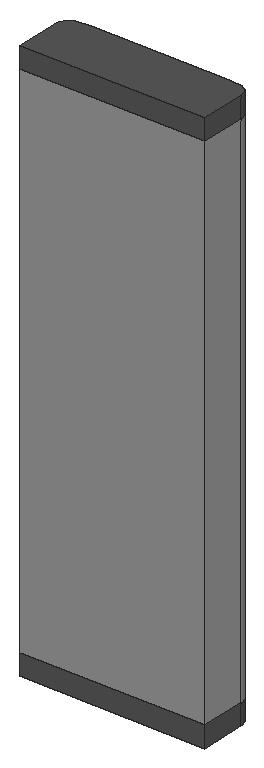
Revit family "JC KONTAKTER JCK201 Armbågskontakt", category Doors, host Wall, Revit 2025
Family settings
  Host = Wall
  Always vertical = Yes
  Cut with Voids When Loaded = No
  Shared = No
  Room Calculation Point = No
Parameters (values of type "Armbågskontakt JCK201")
  Utgångar = "Två reläer"
  URL = "https://jckontakter.se/produkt/armbagskontakter-metall/armbagskontakt-jck201-beroringsfri/"
  Tillverkningsland = "Sverige"
  Tillvalsförteckning = "https://jckontakter.se/wp-content/uploads/sites/2/Tillval_metall_2024.pdf"
  Tekniskt produktblad = "https://jckontakter.se/wp-content/uploads/sites/2/Teknikst-blad_JCK201-Beroringsfri.pdf"
  Styrenhet med dipswitch = yes
  Sensor = "IR-Sensor"
  Produktvikt = "0.305 kg"
  Placering av armbågskontakt = "https://jckontakter.se/start/nyheter-och-information/armbagskontakter-placering-riktlinjer/"
  Model = "JCK201"  # constant formula
  Matning = "7-24V DC-AC"
  Manufacturer = "JC Kontakter"  # constant formula
  Lid Finish = Aluminum ENAW 6060-T6
  Core Finish = Aluminum ENAW 6060
  Led-ljus = yes
  Keynote = ""
  End Cap Finish = POM Tenac C 4520
  Description = "JCK201 är en modell med inbyggd IR-sensor, som möjliggör beröringsfri funktion. IR-sensorn reagerar på ljusskiftningar, vilket gör att man aktiverar dörröppning genom att bara röra handen framför kontakten.\r\n\r\nDenna sortens armbågskontakt är särskilt lämplig i miljöer där man vill begränsa spridning av bakterier, såsom skolor, sjukhus och andra offentliga byggnader.\r\n\r\nModellen är även utrustad med LED-ljus som hjälper till att visa aktuell status- grönt för standby och blått vid aktivering. JCK201 levereras med två relä och en dipswitch som möjliggör ett antal olika installationsalternativ."  # constant formula
  Default Elevation = 0 mm
  Cap Finish (Lens) = POM Acetalplast
  CE Dokument = "https://jckontakter.se/wp-content/uploads/CE_Dokument.pdf"
  Assembly Code = ""
Reference planes
  plane 1 "Wall": y = 0
  plane 2 "Center (Left/Right)": x = 125
  plane 3 "Back": y = 75
  plane 4 "A": z = 800
Lines and regions (mm)
  Masking region 1
    outline origin (0, 0, -100) x (1, 0, 0) y (0, 0, 1)
      loop
        line (175, 1145) -> (75, 1145) -> (75, 900) -> (175, 900) -> (175, 1145)
  symbolic lines, style "DoorsPanelProjection"
    curve 1: line (75, 125, 0) -> (175, 125, 0)
    curve 2: line (75, 75, 0) -> (75, 125, 0)
    curve 3: line (175, 75, 0) -> (75, 75, 0)
    curve 4: line (175, 125, 0) -> (175, 75, 0)
    curve 5: line (175, 0, 800) -> (75, 0, 800)
    curve 6: line (75, 0, 800) -> (175, 0, 800)
    curve 7: line (175, 0, 1045) -> (75, 0, 1045)
    curve 8: line (175, 0, 800) -> (175, 0, 1045)
    curve 9: line (75, 0, 800) -> (175, 0, 800)
    curve 10: line (75, 0, 1045) -> (75, 0, 800)
Text (mm)
  text "Placement Side" at (-1848.837, 1116.779, 0), in view "Ref. Level"
  text "Placement side" at (0, 1409.804, 2854.306), in view "Left"
  text "Placement side" at (0, 499.811, 2980.732), in view "Right"
Dimensions and locks
  locked: plane 3 "Back" to host wall
  locked: curve 3 to curve 1 at 50
  aligned and locked: plane 1 "Wall" to host wall
  aligned and locked: nested 1 to plane 3 "Back"
  aligned and locked: curve 3 to plane 3 "Back"
  aligned and locked: plane 4 "A" to curve 9
  aligned and locked: curve 10 to Masking region 1
Automatic sketch dimensions
  curve 3 to plane 2 "Center (Left/Right)" = 50 mm
  plane 2 "Center (Left/Right)" to curve 3 = 50 mm
  Masking region 1 sketch curve to plane 4 "A" = 0 mm
  Masking region 1 sketch curve to plane 2 "Center (Left/Right)" = 50 mm
  plane 2 "Center (Left/Right)" to Masking region 1 sketch curve = 50 mm
  plane 4 "A" to Masking region 1 sketch curve = 245 mm
  plane 2 "Center (Left/Right)" to curve 8 = 50 mm
  plane 4 "A" to curve 7 = 245 mm
Nested families
  nested 1: "AK_201" at (125, 75, 800) x (-1, 0, 0) z (0, 0, 1), type "AK_201", detail levels medium+fine
Definition of nested family "AK_201"
  Parameters (values of type "AK_201")
    URL = "https://jckontakter.se/produkt/armbagskontakter-metall/armbagskontakt-jck201-beroringsfri/"
    Model = "JCK201"  # constant formula
    Manufacturer = "JC Kontakter"  # constant formula
    Lid Finish = none
    Core Finish = none
    End Cap Finish = none
    Description = "JCK201 är en modell med inbyggd IR-sensor, som möjliggör beröringsfri funktion. IR-sensorn reagerar på ljusskiftningar, vilket gör att man aktiverar dörröppning genom att bara röra handen framför kontakten.\r\n\r\nDenna sortens armbågskontakt är särskilt lämplig i miljöer där man vill begränsa spridning av bakterier, såsom skolor, sjukhus och andra offentliga byggnader.\r\n\r\nModellen är även utrustad med LED-ljus som hjälper till att visa aktuell status- grönt för standby och blått vid aktivering. JCK201 levereras med två relä och en dipswitch som möjliggör ett antal olika installationsalternativ."  # constant formula
    Define Thermal Properties by = 1
    Default Elevation = 0 mm
    Cap Finish (Lens) = none
    Analytic Construction = "<None>"
  Reference planes
    plane 1 "Center (Front/Back)": y = 0
    plane 2: z = 0
    plane 3 "Center (Left/Right)": x = 0
    plane 4 "1": x = 40
    plane 5 "A": z = 9
    plane 6 "B": z = 236
    plane 7 "2": y = -26
  Forms (mm)
    Extrusion 1, solid, material <- "Core Finish", detail levels medium+fine
      sketch origin (40, 0, 9) x (1, 0, 0) y (0, 1, 0)
        loop
          line (-80, 0) -> (-80, -20)
          arc (-80, -20) -> (-78.93, -23.162) -> (-76.159, -25.025) r 5.207
          line (-76.159, -25.025) -> (-76.002, -24.037) -> (-75.046, -24.188) -> (-75.202, -25.176) -> (-74.214, -25.333) -> (-74.058, -24.345) -> (-73.07, -24.501) -> (-73.227, -25.489) -> (-72.239, -25.645) -> (-72.083, -24.658) -> (-71.095, -24.814) -> (-71.251, -25.802) -> (-70, -26) -> (-64, -26) -> (-64, -24) -> (-69.843, -24) -> (-75.726, -23.068)
          arc (-75.726, -23.068) -> (-77.369, -21.91) -> (-78, -20) r 3.207
          line (-78, -20) -> (-78, -1.2) -> (-2, -1.2) -> (-2, -20)
          arc (-2, -20) -> (-2.631, -21.91) -> (-4.274, -23.068) r 3.207
          line (-4.274, -23.068) -> (-10.157, -24) -> (-16, -24) -> (-16, -26) -> (-10, -26) -> (-8.749, -25.802) -> (-8.905, -24.814) -> (-7.917, -24.658) -> (-7.761, -25.645) -> (-6.773, -25.489) -> (-6.93, -24.501) -> (-5.942, -24.345) -> (-5.786, -25.333) -> (-4.798, -25.176) -> (-4.954, -24.188) -> (-3.998, -24.037) -> (-3.841, -25.025)
          arc (-3.841, -25.025) -> (-1.07, -23.162) -> (0, -20) r 5.207
          line (0, -20) -> (0, 0) -> (-80, 0)
      from 0 to 227
    Extrusion 2, solid, material <- "Lid Finish", detail levels medium+fine
      sketch origin (-40, 0, 9) x (-1, 0, 0) y (0, -1, 0)
        loop
          line (-16, 26) -> (-64, 26) -> (-64, 24) -> (-16, 24) -> (-16, 26)
      from 0 to 227
    Extrusion 3, solid, material <- "End Cap Finish", detail levels medium+fine
      sketch origin (-40, 0, 0) x (1, 0, 0) y (0, 1, 0)
        loop
          arc (0, -20) -> (1.07, -23.162) -> (3.841, -25.025) r 5.207
          line (3.841, -25.025) -> (10, -26) -> (70, -26) -> (76.159, -25.025)
          arc (76.159, -25.025) -> (78.93, -23.162) -> (80, -20) r 5.207
          line (80, -20) -> (80, 0) -> (0, 0) -> (0, -20)
      from 0 to 9
    Extrusion 4, solid, material <- "End Cap Finish", detail levels medium+fine
      sketch origin (0, 0, 236) x (-1, 0, 0) y (0, -1, 0)
        loop
          arc (40, 20) -> (38.93, 23.162) -> (36.159, 25.025) r 5.207
          line (36.159, 25.025) -> (30, 26) -> (-30, 26) -> (-36.159, 25.025)
          arc (-36.159, 25.025) -> (-38.93, 23.162) -> (-40, 20) r 5.207
          line (-40, 20) -> (-40, 0) -> (40, 0) -> (40, 20)
      from 0 to 9
    Extrusion 5, void
      sketch origin (0, 0, 0) x (1, 0, 0) y (0, 1, 0)
        loop
          circle (-35.25, -10.75) r 3.75
        loop
          circle (35.25, -10.75) r 3.75
      from 0 to 4
    Extrusion 6, void
      sketch origin (0, -26, 0) x (-1, 0, 0) y (0, 0, 1)
        loop
          circle (0, 145) r 9
        loop
          arc (8.506, 153.464) -> (12, 144.999) -> (8.505, 136.534) r 12
          arc (8.505, 136.534) -> (8.503, 135.119) -> (9.919, 135.12) r 1
          arc (9.919, 135.12) -> (14, 144.999) -> (9.92, 154.879) r 14
          arc (9.92, 154.879) -> (8.508, 154.877) -> (8.506, 153.464) r 1
        loop
          arc (-9.92, 135.121) -> (-8.508, 135.123) -> (-8.506, 136.536) r 1
          arc (-8.506, 136.536) -> (-12, 145) -> (-8.506, 153.464) r 12
          arc (-8.506, 153.464) -> (-8.508, 154.877) -> (-9.92, 154.879) r 1
          arc (-9.92, 154.879) -> (-14, 145) -> (-9.92, 135.121) r 14
        loop
          arc (-12.042, 133) -> (-17, 145) -> (-12.042, 157) r 17
          arc (-12.042, 157) -> (-12.043, 158.413) -> (-13.456, 158.414) r 1
          arc (-13.456, 158.414) -> (-19, 145) -> (-13.456, 131.586) r 19
          arc (-13.456, 131.586) -> (-12.042, 131.584) -> (-12.042, 133) r 1
        loop
          arc (13.457, 131.587) -> (19, 145.002) -> (13.456, 158.414) r 19
          arc (13.456, 158.414) -> (12.043, 158.413) -> (12.042, 157) r 1
          arc (12.042, 157) -> (17, 145) -> (12.04, 132.999) r 17
          arc (12.04, 132.999) -> (12.043, 131.585) -> (13.457, 131.587) r 1
      from 0 to 4
    Extrusion 7, solid, material <- "Cap Finish (Lens)", detail levels medium+fine
      sketch origin (0, -26, 0) x (-1, 0, 0) y (0, 0, 1)
        loop
          arc (8.506, 153.464) -> (12, 144.999) -> (8.505, 136.534) r 12
          arc (8.505, 136.534) -> (8.503, 135.119) -> (9.919, 135.12) r 1
          arc (9.919, 135.12) -> (14, 144.999) -> (9.92, 154.879) r 14
          arc (9.92, 154.879) -> (8.508, 154.877) -> (8.506, 153.464) r 1
        loop
          arc (12.042, 157) -> (17, 145) -> (12.042, 133) r 17
          arc (12.042, 133) -> (12.043, 131.585) -> (13.457, 131.587) r 1
          arc (13.457, 131.587) -> (19, 145) -> (13.456, 158.414) r 19
          arc (13.456, 158.414) -> (12.043, 158.413) -> (12.042, 157) r 1
        loop
          circle (0, 145) r 9
        loop
          arc (-9.92, 154.879) -> (-14, 145) -> (-9.92, 135.121) r 14
          arc (-9.92, 135.121) -> (-8.508, 135.123) -> (-8.506, 136.536) r 1
          arc (-8.506, 136.536) -> (-12, 145) -> (-8.506, 153.464) r 12
          arc (-8.506, 153.464) -> (-8.508, 154.877) -> (-9.92, 154.879) r 1
        loop
          arc (-12.042, 133) -> (-17, 145) -> (-12.042, 157) r 17
          arc (-12.042, 157) -> (-12.043, 158.413) -> (-13.456, 158.414) r 1
          arc (-13.456, 158.414) -> (-19, 145) -> (-13.456, 131.586) r 19
          arc (-13.456, 131.586) -> (-12.042, 131.584) -> (-12.042, 133) r 1
      from 0 to 2
  Cuts and joins
    Extrusion 5 cuts Extrusion 3
    Extrusion 6 cuts Extrusion 2
  Dimensions and locks
    aligned and locked: level to plane 2
